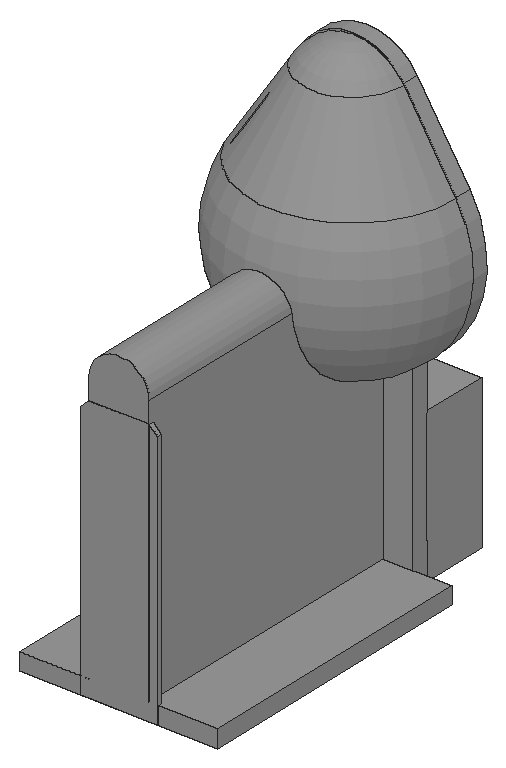
Revit family "Toilet-Willoughby-1490-ETWS-FM-BS-HC", category Plumbing Fixtures, host Face, Revit 2014
Parameters (values of type "Standard")
  Waste DIA = 2 1/2"
  Waste Connection = yes
  W-RAD [instance] = Waste DIA / 2  # 0' - 1 1/4"
  Vent Connection = no
  URL = "www.willoughby-ind.com"
  Type Comments = "Siphon Jet Flush"
  Revision = "A"
  Model = "ETWS-1490-FM-BS-HC"
  Manufacturer = "Willoughby Industries"
  HW Connection = no
  Flush inlet DIA = 1 1/2"
  Flush Inlet Connection = yes
  Fixture Body = Stainless Steel AISI 304-Willoughby
  F-RAD [instance] = Flush inlet DIA / 2  # 0' - 0 3/4"
  Description = "Floor Mounted Toilet"
  Default Elevation = 0' - 0"
  Contact Number = "(800) 428-4065"
  CW Connection = no
Reference planes (in)
  plane 1 "Base": y = -16.25
  plane 2: z = 0
  plane 3 "Center": x = 18.31072
  plane 4 "Seat HGT": y = -1.25
  plane 5: z = -6.75
  plane 6: y = -2.125
  plane 7: y = -14.0625
  plane 8 "Flush HGT": y = 3.5
  plane 9: x = 16.56072
  plane 10: x = 20.06072
  plane 11: x = 12.56072
  plane 12: x = 24.06072
  plane 13 "Waste HGT": y = -7.75
  plane 14: z = 8.875
  plane 15: z = 27.75
  plane 16: y = 5.75
  plane 17: y = 1.75
  plane 18: y = 0.75
Forms (in)
  Extrusion 1, solid, material "Stainless Steel AISI 304-Willoughby" <- "Fixture Body"
    sketch origin (0, 1.75, -12) x (0, 0, -1) y (-1, 0, 0)
      loop
        arc (-23.65867, -14.78334) -> (-27.96091, -11.50819) -> (-33.31322, -12.27544) r 7
        line (-33.31322, -12.27544) -> (-38.16835, -15.31741)
        arc (-38.16835, -15.31741) -> (-39.81005, -18.28334) -> (-38.16835, -21.24927) r 3.5
        line (-38.16835, -21.24927) -> (-33.31322, -24.29124)
        arc (-33.31322, -24.29124) -> (-27.97624, -25.06245) -> (-23.67456, -21.81072) r 7
        line (-23.67456, -21.81072) -> (-12, -21.81072) -> (-12, -14.78334) -> (-23.65867, -14.78334)
      loop
        line (-31.56337, -14.0412) -> (-37.09622, -16.44433)
        arc (-37.09622, -16.44433) -> (-38.31005, -18.28334) -> (-37.09622, -20.12234) r 2
        line (-37.09622, -20.12234) -> (-31.56337, -22.52547)
        arc (-31.56337, -22.52547) -> (-25.09585, -18.28334) -> (-31.56337, -14.0412) r 4.625
    from 0 to -1
  Revolve 2, solid, material "Stainless Steel AISI 304-Willoughby" <- "Fixture Body"
    sketch origin (19.37246, 0.75, -1.93826) x (-1, 0, 0) y (0, 0, -1)
      loop
        line (1.06174, -12.59906) -> (1.06174, -12.84906)
        arc (1.06174, -12.84906) -> (6.96784, -16.33096) -> (6.78077, -23.18447) r 6.75
        line (6.78077, -23.18447) -> (3.81535, -27.91457)
        arc (3.81535, -27.91457) -> (2.63527, -29.03194) -> (1.06174, -29.43826) r 3.25
        line (1.06174, -29.43826) -> (1.06174, -29.68826)
        arc (1.06174, -29.68826) -> (2.75672, -29.25045) -> (4.02767, -28.04656) r 3.5
        line (4.02767, -28.04656) -> (7.06964, -23.19143)
        arc (7.06964, -23.19143) -> (7.15052, -16.14555) -> (1.06174, -12.59906) r 7
      axis (1.06174, -12.59906) -> (1.06174, -29.68826)
    angle from 0 to -180
  Extrusion 3, solid, material "Stainless Steel AISI 304-Willoughby" <- "Fixture Body"
    sketch origin (19.53334, -0.25, -2.9508) x (0, 1, 0) y (0, 0, 1)
      loop
        line (-5.27082, 2.9508) -> (1, 2.9508) -> (1, 13.76086)
        arc (1, 13.76086) -> (-2.93256, 15.26109) -> (-5.27082, 18.76086) r 6.92744
        line (-5.27082, 18.76086) -> (-5.27082, 2.9508)
    from 0.52738 to -2.97262
  Extrusion 4, solid, material "Stainless Steel AISI 304-Willoughby" <- "Fixture Body"
    sketch origin (0, 14.59309, -3) x (1, 0, 0) y (0, 1, 0)
      loop
        circle (18.31072, -22.34309) r 1.25
    from 5.5 to 0
  Extrusion 5, solid, material "Stainless Steel AISI 304-Willoughby" <- "Fixture Body"
    sketch origin (18.31072, 0, -1) x (0, 1, 0) y (0, 0, 1)
      loop
        line (1.75, 1) -> (5.75, 1) -> (5.75, 9.875) -> (1.75, 9.875) -> (1.75, 1)
    from -3.52738 to 3.5
  Extrusion 6, solid, material "Stainless Steel AISI 304-Willoughby" <- "Fixture Body"
    sketch origin (0, 0, 0) x (1, 0, 0) y (0, 1, 0)
      loop
        circle (18.31072, 3.5) r 0.75
    from 0 to 1
  Extrusion 7, solid, material "Stainless Steel AISI 304-Willoughby" <- "Fixture Body"
    sketch origin (0, -16.25, 0) x (1, 0, 0) y (0, 0, 1)
      loop
        line (24.06072, 0) -> (24.06072, 1) -> (12.56072, 1) -> (12.56072, 0) -> (24.06072, 0)
    from -17 to 0
  Extrusion 8, solid, material "Stainless Steel AISI 304-Willoughby" <- "Fixture Body"
    sketch origin (0, -16.25, 2) x (1, 0, 0) y (0, 0, 1)
      loop
        line (20.06072, -2) -> (20.06072, 14.68252)
        arc (20.06072, 14.68252) -> (18.31072, 16.43252) -> (16.56072, 14.68252) r 1.75
        line (16.56072, 14.68252) -> (16.56072, -2) -> (20.06072, -2)
    from 0 to -10.72918
  Extrusion 9, solid, material "Stainless Steel AISI 304-Willoughby" <- "Fixture Body"
    sketch origin (0, -16.25, 0) x (1, 0, 0) y (0, 0, 1)
      loop
        line (20.06072, 0) -> (20.56072, 0) -> (20.56072, 15) -> (20.06072, 15.5) -> (16.56072, 15.5) -> (16.06072, 15) -> (16.06072, 0) -> (16.56072, 0) -> (20.06072, 0)
    from 0 to -0.25
Cuts and joins
  joined: Extrusion 3, Extrusion 5, Extrusion 7, Extrusion 8
Lines and regions (in)
  symbolic lines
    curve 1: line (11.28334, 0.75, 0) -> (11.28334, 1.75, 0)
    curve 2: line (11.28334, 1.75, 0) -> (25.28334, 1.75, 0)
    curve 3: line (25.28334, 1.75, 0) -> (25.28334, 0.75, 0)
    curve 4: line (24.06072, -3.20245, 0) -> (24.06072, -16.25, 0)
    curve 5: line (24.06072, -16.25, 0) -> (12.56072, -16.25, 0)
    curve 6: line (12.56072, -16.25, 0) -> (12.56072, -3.28133, 0)
    curve 7: line (20.06072, -6.02059, 0) -> (20.06072, -16.25, 0)
    curve 8: line (16.56072, -6.03473, 0) -> (16.56072, -16.25, 0)
    curve 9: line (16.56072, -16, 0) -> (16.06072, -16, 0)
    curve 10: line (16.06072, -16, 0) -> (16.06072, -16.25, 0)
    curve 11: line (20.06072, -16, 0) -> (20.56072, -16, 0)
    curve 12: line (20.56072, -16, 0) -> (20.56072, -16.25, 0)
    curve 13: line (14.78334, -16.25, 11.65867) -> (14.78334, -16.25, 0)
    curve 14: line (21.81072, -16.25, 11.67456) -> (21.81072, -16.25, 0)
    curve 15: line (21.81072, -16.25, 0) -> (14.78334, -16.25, 0)
    curve 16: line (14.78334, -16.25, 1) -> (12.56072, -16.25, 1)
    curve 17: line (12.56072, -16.25, 1) -> (12.56072, -16.25, 0)
    curve 18: line (21.81072, -16.25, 1) -> (24.06072, -16.25, 1)
    curve 19: line (24.06072, -16.25, 1) -> (24.06072, -16.25, 0)
    curve 21: arc (21.81072, -16.25, 11.67456) -> (25.08309, -16.25, 15.93539) -> (24.31862, -16.25, 21.25317) r 6.91677
    curve 22: line (24.31862, -16.25, 21.25317) -> (21.25205, -16.25, 26.1639)
    curve 23: arc (21.25205, -16.25, 26.1639) -> (19.99152, -16.25, 27.34663) -> (18.31072, -16.25, 27.75) r 3.3743
    curve 24: arc (18.31072, -16.25, 27.75) -> (16.6278, -16.25, 27.31167) -> (15.31741, -16.25, 26.16835) r 3.79289
    curve 25: line (15.31741, -16.25, 26.16835) -> (12.35249, -16.25, 21.43905)
    curve 26: arc (12.35249, -16.25, 21.43905) -> (11.49002, -16.25, 16.03241) -> (14.78334, -16.25, 11.65867) r 7
    curve 32: line (18.31072, -8.29114, 18.44021) -> (18.31072, -16.25, 18.44021)
    curve 33: line (18.31072, -16.25, 18.44021) -> (18.31072, -16.25, 0)
    curve 34: line (18.31072, -16.25, 0) -> (18.31072, 5.75, 0)
    curve 35: line (18.31072, 5.75, 0) -> (18.31072, 5.75, 8.875)
    curve 36: line (18.31072, 5.75, 8.875) -> (18.31072, 1.75, 8.875)
    curve 37: line (18.31072, 1.75, 8.875) -> (18.31072, 1.75, 27.81005)
    curve 38: line (18.31072, 0.75, 11.65867) -> (18.31072, 1.75, 11.65867)
    curve 39: line (18.31072, 0.75, 11.65867) -> (18.31072, 0.75, 1)
    curve 40: line (18.31072, 0.75, 0) -> (18.31072, 0.75, 1)
    curve 41: line (18.31072, 0.75, 1) -> (18.31072, -16.25, 1)
    curve 42: line (18.31072, 1.75, 27.81005) -> (18.31072, 0.75, 27.81005)
    curve 43: arc (18.31072, 0.75, 27.81005) -> (18.31072, -0.30762, 27.63307) -> (18.31072, -1.25, 27.1214) r 3.24854
    curve 44: arc (18.31072, -1.25, 27.1214) -> (18.31072, -1.65612, 26.77453) -> (18.31072, -2.03047, 26.3936) r 6.12214
    curve 45: line (18.31072, -2.03047, 26.3936) -> (18.31072, -5.2579, 21.25317)
    curve 46: arc (18.31072, -5.2579, 21.25317) -> (18.31072, -5.90086, 19.90889) -> (18.31072, -6.22182, 18.45373) r 6.52036
    curve 47: arc (18.31072, -6.22182, 18.45373) -> (18.31072, -4.28243, 13.22131) -> (18.31072, 0.75, 10.81005) r 7.43828
    curve 48: line (18.31072, -6.22182, 18.45373) -> (18.31072, -16.22182, 18.45373)
    curve 49: arc (11.28334, 0.75, 0) -> (18.28334, -6.25, 0) -> (25.28334, 0.75, 0) r 7
  symbolic lines, detail levels medium+fine
    curve 20: line (21.81072, -16.25, 8.875) -> (14.78334, -16.25, 8.875)
  symbolic lines, detail levels fine
    curve 27: arc (14.0412, -16.25, 19.56337) -> (18.28334, -16.25, 13.09585) -> (22.52547, -16.25, 19.56337) r 4.625
    curve 28: line (22.52547, -16.25, 19.56337) -> (20.12234, -16.25, 25.09622)
    curve 29: arc (20.12234, -16.25, 25.09622) -> (19.38317, -16.25, 25.97635) -> (18.28334, -16.25, 26.31005) r 2.01767
    curve 30: arc (18.28334, -16.25, 26.31005) -> (17.17969, -16.25, 25.98213) -> (16.44433, -16.25, 25.09622) r 1.9827
    curve 31: line (16.44433, -16.25, 25.09622) -> (14.0412, -16.25, 19.56337)
Dimensions and locks (in)
  locked: plane 1 "Base" to plane 17 at 18
  plane 13 "Waste HGT" to plane 1 "Base" = 0' - 8 1/2"
  plane 1 "Base" to plane 13 "Waste HGT" = 0' - 8 1/2"
  plane 1 "Base" to plane 8 "Flush HGT" = 1' - 7 3/4"
  plane 11 to plane 12 = 0' - 11 1/2"
  level to plane 15 = 2' - 3 3/4"
  plane 16 to plane 4 "Seat HGT" = 0' - 7"
  plane 16 to plane 17 = 0' - 4"
  plane 8 "Flush HGT" to plane 13 "Waste HGT" = 0' - 11 1/4"
  plane 17 to plane 18 = 0' - 1"
  locked: plane 17 to plane 1 "Base" at 18
  "W-RAD": radius of Extrusion 4 sketch curve
  "F-RAD": radius of Extrusion 6 sketch curve
  aligned and locked: plane 2 to host face
  aligned and locked: level to host face
  aligned and locked: plane 3 "Center" to Extrusion 4 sketch curve
  aligned and locked: plane 8 "Flush HGT" to Extrusion 6 sketch curve
  aligned and locked: plane 3 "Center" to Extrusion 6 sketch curve
  aligned and locked: plane 13 "Waste HGT" to Extrusion 4 sketch curve
  aligned and locked: level to cut or joined group of Extrusion 3, Extrusion 5, Extrusion 7, Extrusion 8
  aligned and locked: cut or joined group of Extrusion 3, Extrusion 5, Extrusion 7, Extrusion 8 to cut or joined group of Extrusion 3, Extrusion 5, Extrusion 7, Extrusion 8
  aligned and locked: plane 16 to Extrusion 5
  aligned and locked: Extrusion 1 to plane 18
  aligned and locked: Extrusion 8 to Extrusion 3
  aligned and locked: curve 2 to Extrusion 1
  aligned and locked: curve 1 to Extrusion 1
Automatic sketch dimensions
  host sketch curve to host sketch curve = 3' - 5.3917"
  host sketch curve to host sketch curve = 3' - 2.61225"
  Revolve 2 sketch curve to Revolve 2 sketch curve = 0' - 0"  (x2)
  Revolve 2 sketch curve to plane 3 "Center" = 0' - 0"  (x3)
  plane 3 "Center" to Revolve 2 sketch curve = 0' - 0"
  Revolve 2 sketch curve to plane 3 "Center" = 0' - 2.75361"
  Revolve 2 sketch curve to Revolve 2 sketch curve = 0' - 0.21232"
  Revolve 2 sketch curve to Revolve 2 sketch curve = 0' - 2.96542"
  Revolve 2 sketch curve to Revolve 2 sketch curve = 0' - 0.28887"
  level to Revolve 2 sketch curve = 2' - 3 3/4"
  Revolve 2 sketch curve to Revolve 2 sketch curve = 0' - 0 1/4"
  Revolve 2 sketch curve to Revolve 2 sketch curve = 0' - 1.3917"
  Revolve 2 sketch curve to Revolve 2 sketch curve = 0' - 0.13199"
  Revolve 2 sketch curve to Revolve 2 sketch curve = 0' - 4.85513"
  Revolve 2 sketch curve to Revolve 2 sketch curve = 0' - 0.00696"
  Revolve 2 sketch curve to Revolve 2 sketch curve = 0' - 3 1/4"
  Revolve 2 sketch curve to Revolve 2 sketch curve = 0' - 3.3392"
  Revolve 2 sketch curve to Revolve 2 sketch curve = 0' - 2.4108"
  level to Extrusion 3 sketch curve = 0' - 0"
  plane 6 to Extrusion 3 sketch curve = 0' - 2 7/8"
  Extrusion 3 sketch curve to plane 4 "Seat HGT" = 0' - 2.3862"
  Extrusion 3 sketch curve to Extrusion 3 sketch curve = 0' - 10.81005"
  Extrusion 3 sketch curve to Extrusion 3 sketch curve = 0' - 5"
  Extrusion 5 sketch curve to level = 0' - 0"
  Extrusion 5 sketch curve to plane 4 "Seat HGT" = 0' - 3"
  Extrusion 5 sketch curve to plane 8 "Flush HGT" = 0' - 2 1/4"
  level to Extrusion 5 sketch curve = 0' - 8 7/8"
  Extrusion 7 sketch curve to level = 0' - 0"
  level to Extrusion 7 sketch curve = 0' - 1"
  plane 11 to Extrusion 7 sketch curve = 0' - 0"
  Extrusion 7 sketch curve to plane 12 = 0' - 0"
  level to Extrusion 8 sketch curve = 0' - 0"
  Extrusion 8 sketch curve to plane 10 = 0' - 0"
  level to Extrusion 8 sketch curve = 1' - 4.68252"
  plane 9 to Extrusion 8 sketch curve = 0' - 0"
  Extrusion 3 sketch curve to Extrusion 3 sketch curve = 0' - 6.27082"
  Extrusion 9 sketch curve to level = 0' - 0"
  Extrusion 9 sketch curve to plane 9 = 0' - 0"  (x2)
  Extrusion 9 sketch curve to plane 10 = 0' - 0"  (x2)
  Extrusion 9 sketch curve to Extrusion 9 sketch curve = 0' - 0 1/2"  (x3)
  plane 10 to Extrusion 9 sketch curve = 0' - 0 1/2"
  plane 14 to Extrusion 9 sketch curve = 0' - 6 1/8"
  curve 26 to curve 27 = 0' - 0"  (x2)
  curve 17 to plane 11 = 0' - 0"
  curve 13 to level = 0' - 0"
  curve 20 to plane 14 = 0' - 0"
  curve 24 to plane 3 "Center" = 0' - 0"
  curve 23 to plane 3 "Center" = 0' - 0"
  curve 19 to plane 12 = 0' - 0"
  curve 19 to level = 0' - 0"
  curve 17 to level = 0' - 0"
  curve 25 to plane 11 = 0' - 0.20823"
  curve 13 to plane 9 = 0' - 1.77738"
  curve 25 to plane 9 = 0' - 1.24331"
  curve 29 to plane 3 "Center" = 0' - 0.03902"
  curve 29 to curve 30 = 0' - 0.0002"
  curve 26 to plane 3 "Center" = 0' - 0.02738"
  plane 3 "Center" to curve 23 = 0' - 0.07924"
  plane 3 "Center" to curve 21 = 0' - 0.08114"
  plane 3 "Center" to curve 24 = 0' - 0.08907"
  plane 10 to curve 28 = 0' - 0.06162"
  plane 10 to curve 22 = 0' - 1.19133"
  plane 10 to curve 14 = 0' - 1 3/4"
  curve 28 to plane 12 = 0' - 1.53525"
  plane 12 to curve 22 = 0' - 0.2579"
  level to curve 16 = 0' - 1"
  curve 19 to curve 19 = 0' - 1"
  plane 14 to curve 13 = 0' - 2.78367"
  plane 14 to curve 14 = 0' - 2.79956"
  curve 14 to curve 21 = 0' - 6.01275"
  curve 21 to curve 27 = 0' - 0.03353"
  curve 28 to curve 21 = 0' - 1.6898"
  curve 28 to curve 24 = 0' - 4.39478"
  curve 24 to curve 29 = 0' - 0.33426"
  curve 29 to curve 30 = 0' - 0.03496"
  curve 30 to curve 23 = 0' - 0.04925"
  curve 28 to curve 23 = 0' - 1.06768"
  plane 11 to curve 31 = 0' - 1 123/256"
  curve 30 to plane 9 = 0' - 0.11639"
  curve 30 to curve 29 = 0' - 0"
  Extrusion 1 sketch curve to Extrusion 1 sketch curve = 0' - 0"  (x8)
  Extrusion 1 sketch curve to level = 0' - 0"
  plane 14 to Extrusion 1 sketch curve = 0' - 2.78367"
  plane 14 to Extrusion 1 sketch curve = 0' - 2.79956"
  Extrusion 1 sketch curve to plane 3 "Center" = 0' - 0.02738"  (x2)
  Extrusion 1 sketch curve to Extrusion 1 sketch curve = 0' - 6.06218"
  plane 11 to Extrusion 1 sketch curve = 0' - 1 123/256"
  Extrusion 1 sketch curve to Extrusion 1 sketch curve = 0' - 1.84253"
  Extrusion 1 sketch curve to plane 12 = 0' - 1.53525"
  plane 12 to Extrusion 1 sketch curve = 0' - 0.23052"
  Extrusion 1 sketch curve to Extrusion 1 sketch curve = 0' - 1.74985"  (x2)
  Extrusion 1 sketch curve to plane 11 = 0' - 0.28528"
  Extrusion 1 sketch curve to plane 15 = 0' - 3.43995"
  Extrusion 1 sketch curve to plane 9 = 0' - 0.11639"
  Extrusion 1 sketch curve to Extrusion 1 sketch curve = 0' - 0.78617"
  plane 10 to Extrusion 1 sketch curve = 0' - 0.06162"
  Extrusion 1 sketch curve to Extrusion 1 sketch curve = 0' - 1.07212"  (x2)
  plane 10 to Extrusion 1 sketch curve = 0' - 1.18855"
  curve 32 to plane 1 "Base" = 0' - 0"
  curve 43 to plane 4 "Seat HGT" = 0' - 0"
  curve 44 to plane 4 "Seat HGT" = 0' - 0"
  curve 41 to plane 18 = 0' - 0"
  curve 42 to plane 18 = 0' - 0"
  curve 36 to plane 14 = 0' - 0"
  curve 36 to plane 17 = 0' - 0"
  curve 36 to plane 16 = 0' - 0"
  curve 34 to level = 0' - 0"
  plane 13 "Waste HGT" to curve 45 = 0' - 2.4921"
  plane 6 to curve 45 = 0' - 0.09453"
  curve 46 to plane 18 = 0' - 0.48574"
  plane 18 to curve 47 = 0' - 0.46321"
  plane 17 to curve 44 = 0' - 0.76917"
  level to curve 41 = 0' - 1"
  plane 14 to curve 38 = 0' - 2.78367"
  curve 38 to curve 46 = 0' - 6.1274"
  curve 46 to curve 47 = 0' - 0.44783"
  curve 32 to plane 15 = 0' - 9.30979"
  curve 32 to curve 45 = 0' - 2.81296"
  curve 47 to curve 44 = 0' - 4.06319"
  curve 44 to curve 43 = 0' - 2.26443"
  curve 48 to plane 1 "Base" = 0' - 0.02818"
  curve 32 to plane 13 "Waste HGT" = 0' - 0.54114"
  plane 13 "Waste HGT" to curve 48 = 0' - 1.52818"
  curve 6 to plane 11 = 0' - 0"
  plane 1 "Base" to curve 10 = 0' - 0"
  curve 8 to plane 9 = 0' - 0"
  curve 7 to plane 10 = 0' - 0"
  curve 4 to plane 12 = 0' - 0"
  curve 1 to plane 11 = 0' - 1.27738"
  curve 9 to plane 1 "Base" = 0' - 0 1/4"
  curve 9 to plane 9 = 0' - 0 1/2"
  curve 49 to plane 3 "Center" = 0' - 0.02738"
  curve 11 to plane 1 "Base" = 0' - 0 1/4"
  plane 10 to curve 11 = 0' - 0 1/2"
Connectors (in)
  piping at (18.31072, -7.75, -3), diameter 2.5, driven by "W-RAD", driven by "Waste Connection"
    settings: on Extrusion 4, index 1, connector inside diameter 2 1/2", connector length 0' - 0", flow factor 0, pipe flow 0 GPM, pressure drop 0.00 psi, fitting loss kfactor 0, connector angle 0.00°, fixture units 0, engagement length 0' - 0", angle of deflection 0.00°, flow configuration 0, flow direction 2, fitting loss method 0, system type 16, joint type 0, gender type 0, connector reference index -1, connector utility 1, adjustable connector yes, is connector primary yes, connector description "Toilet Waste"
  piping at (18.31072, 3.5, 1), diameter 1.5, driven by "F-RAD", driven by "Flush Inlet Connection"
    settings: on Extrusion 6, index 2, connector inside diameter 1 1/2", connector length 0' - 0", flow factor 0, pipe flow 0 GPM, pressure drop 0.00 psi, fitting loss kfactor 0, connector angle 0.00°, fixture units 0, engagement length 0' - 0", angle of deflection 0.00°, flow configuration 0, flow direction 1, fitting loss method 0, system type 20, joint type 0, gender type 0, connector reference index -1, connector utility 1, adjustable connector no, is connector primary no, connector description "Flush Inlet"
